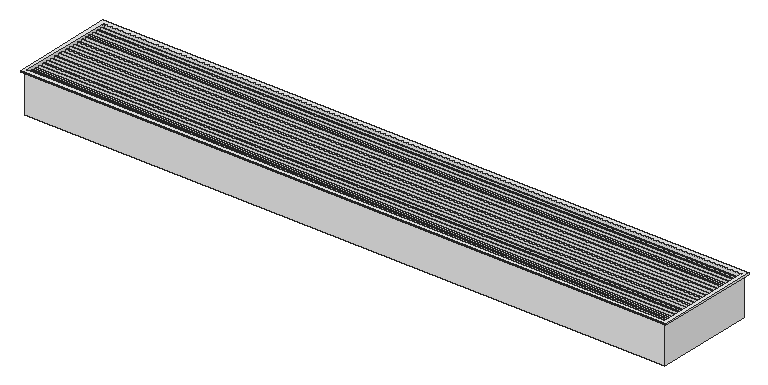
Revit family "DC_Holyoake_MEQ_LD-1200SD-PMF_13", category Air Terminals, host Face, Revit 2013
Parameters (values of type "LD-1200SD-PMF")
  Width LD [instance] = 150.0 mm
  URL = "http://www.holyoake.com"
  Type Comments = "Fineline Diffuser Series LD linear bar grilles"  # constant formula
  Static Pressure Min = 3.00 Pa
  Static Pressure Max = 57.00 Pa
  Noise Level NC Min = "<10 NC"
  Noise Level NC Max = "38 NC"
  Model = "LD-1200SD-PMF"  # constant formula
  Min Flow = 30 L/s  # constant formula
  Max Flow = 3000 L/s  # constant formula
  Material Face = Holyoake-Aluminium
  Material Body = Holyoake-Aluminium
  Manufacturer = "Holyoake"  # constant formula
  Length LD [instance] = 1000.0 mm
  Holyoake Product Range = "Holyoake Fineline Diffusers"  # constant formula
  Flow = 0 L/s
  Description = "Flangeless Linear Bar Diffuser with Vertical Rear Deflector Blades shall be Holyoake Model LD-1200SD-PMF with Horizontal Front Linear Bars of 3.25mm at 12.5mm centres set at 0 Degree deflection. \r\nRear vertical deflection blades shall be individually adjustable airfoil type. Flangeless Linear Bar Diffusers shall be of extruded aluminium construction to the sizes as documented and supplied with the Integral Plaster Mounting Frame (PMF) System. Linear Supply Air Diffusers shall be finished in powdercoat and fitted with accessories and dampers where indicated as manufactured by Holyoake."  # constant formula
  Default Elevation = 0.0 mm
  Array Number [instance] = ((Width LD - 25.4 mm) / 6.4 mm) - 0.9  # 19
Reference planes
  plane 1 "Center (Front/Back)": y = 0
  plane 2: z = 0
  plane 3 "Center (Left/Right)": x = 0
  plane 4: x = -500
  plane 5: x = 500
  plane 6: y = 75
  plane 7: y = -75
Forms (mm)
  Sweep 1, solid, material "Holyoake-Aluminium" <- "Material Body", detail levels fine
    path origin (0, 0, 0) x (1, 0, 0) y (0, 1, 0)
      loop
        line (-500, 75) -> (-500, -75) -> (500, -75) -> (500, 75) -> (-500, 75)
    profile origin (0, 75, 0) x (0, 1, 0) y (0, 0, 1)
      loop
        line (2, 0) -> (6, 0) -> (6, 2) -> (0, 2) -> (0, -60) -> (2, -60) -> (2, 0)
  Extrusion 2, void
    sketch origin (0, 0, 0) x (1, 0, 0) y (0, 1, 0)
      loop
        line (-500, 75) -> (-500, -75) -> (500, -75) -> (500, 75) -> (-500, 75)
    from 0 to -1000
Cuts and joins
  Extrusion 2 cuts Sweep 1
Lines and regions (mm)
  reference lines
    curve 1: line (-590.798, 68.65, 0) -> (-485.798, 68.65, 0)
    curve 2: line (-590.798, -68.65, 0) -> (-490.798, -68.65, 0)
  symbolic lines, style "Holyoake - Linear Diffusers", detail levels coarse+medium
    curve 3: line (-506, 81, 0) -> (506, 81, 0)
    curve 4: line (-506, -81, 0) -> (-506, 81, 0)
    curve 5: line (506, -81, 0) -> (-506, -81, 0)
    curve 6: line (506, 81, 0) -> (506, -81, 0)
    curve 7: line (-500, -75, 0) -> (500, -75, 0)
    curve 8: line (-500, 75, 0) -> (-500, -75, 0)
    curve 9: line (500, 75, 0) -> (-500, 75, 0)
    curve 10: line (500, -75, 0) -> (500, 75, 0)
    curve 11: line (-502, 0, -50) -> (502, 0, -50)
    curve 12: line (-502, 0, 2) -> (-502, 0, -50)
    curve 13: line (502, 0, 2) -> (-502, 0, 2)
    curve 14: line (502, 0, -50) -> (502, 0, 2)
    curve 15: line (0, 77, -60) -> (0, -77, -60)
    curve 16: line (0, 77, 2) -> (0, 77, -60)
    curve 17: line (0, -77, 2) -> (0, 77, 2)
    curve 18: line (0, -77, -60) -> (0, -77, 2)
Dimensions and locks
  equal spacing: plane 6, plane 1 "Center (Front/Back)", plane 7
  "Width LD": plane 6 to plane 7
  "Length LD": plane 4 to plane 5
  equal spacing: plane 4, plane 3 "Center (Left/Right)", plane 5
  locked: plane 6 to curve 1 at 6.35
  locked: curve 2 to plane 7 at 6.35
  equal spacing: group 1, group 3, group 4, group 5, group 6, group 7, group 8, group 9, group 10, group 11, group 12, group 13, group 14, group 15, group 16, group 17, group 18, group 19, group 2  (x2)
  equal spacing: group 2, group 19, group 18, group 17, group 16, group 15, group 14, group 13, group 12, group 11, group 10, group 9, group 8, group 7, group 6, group 5, group 4, group 3, group 1
  aligned and locked: plane 2 to host face
  aligned and locked: level to host face
  aligned and locked: plane 4 to Sweep 1 sketch curve
  aligned and locked: Sweep 1 sketch curve to plane 6
  aligned and locked: plane 7 to Sweep 1 sketch curve
  aligned and locked: Sweep 1 sketch curve to plane 5
  aligned and locked: plane 4 to nested 1
  aligned and locked: plane 4 to Sweep 1
  aligned and locked: nested 1 to curve 1
  aligned and locked: Sweep 1 to level
  aligned and locked: curve 2 to nested 2
  aligned and locked: plane 4 to nested 2
  aligned and locked: Extrusion 2 sketch curve to Sweep 1  (x3)
  aligned and locked: Sweep 1 to Extrusion 2 sketch curve
  aligned and locked: cut or joined group of Sweep 1, Extrusion 2 to curve 3
  aligned and locked: curve 3 to cut or joined group of Sweep 1, Extrusion 2
  aligned and locked: curve 6 to cut or joined group of Sweep 1, Extrusion 2  (x2)
  aligned and locked: cut or joined group of Sweep 1, Extrusion 2 to curve 7
  aligned and locked: curve 7 to cut or joined group of Sweep 1, Extrusion 2
  aligned and locked: curve 10 to cut or joined group of Sweep 1, Extrusion 2  (x2)
  aligned and locked: cut or joined group of Sweep 1, Extrusion 2 to curve 11
  aligned and locked: cut or joined group of Sweep 1, Extrusion 2 to curve 14
  aligned and locked: cut or joined group of Sweep 1, Extrusion 2 to curve 13
  aligned and locked: cut or joined group of Sweep 1, Extrusion 2 to curve 15
  aligned and locked: curve 15 to cut or joined group of Sweep 1, Extrusion 2
  aligned and locked: curve 18 to cut or joined group of Sweep 1, Extrusion 2
  aligned and locked: curve 17 to cut or joined group of Sweep 1, Extrusion 2
Automatic sketch dimensions
  Sweep 1 sketch curve to level = 0.0 mm
  Sweep 1 sketch curve to profile plane = 0.0 mm
  Sweep 1 sketch curve to Sweep 1 sketch curve = 2.0 mm
  Sweep 1 sketch curve to Sweep 1 sketch curve = 4.0 mm
  Sweep 1 sketch curve to Sweep 1 sketch curve = 60.0 mm
  level to Sweep 1 sketch curve = 2.0 mm
  host sketch curve to host sketch curve = 1493.181 mm
  host sketch curve to host sketch curve = 944.012 mm
  curve 2 to plane 4 = 90.798 mm
  curve 1 to curve 2 = 0.0 mm
  plane 4 to curve 2 = 9.202 mm
  plane 4 to curve 1 = 14.202 mm
  curve 11 to level = 50.0 mm
Nested families
  nested 1: "LD Blade" at (-500, 67.15, 0), Blade Length <- "Length LD", type "LD Blade", detail levels fine
    with Blade Length 1000.0 mm
  nested 2: "LD Blade" at (-500, -68.65, 0), Blade Length <- "Length LD", type "LD Blade", detail levels fine
    with Blade Length 1000.0 mm
  nested 3: "LD Blade" at (-500, 59.606, 0), Blade Length <- "Length LD", type "LD Blade", detail levels fine
    with Blade Length 1000.0 mm
  nested 4: "LD Blade" at (-500, 52.061, 0), Blade Length <- "Length LD", type "LD Blade", detail levels fine
    with Blade Length 1000.0 mm
  nested 5: "LD Blade" at (-500, 44.517, 0), Blade Length <- "Length LD", type "LD Blade", detail levels fine
    with Blade Length 1000.0 mm
  nested 6: "LD Blade" at (-500, 36.972, 0), Blade Length <- "Length LD", type "LD Blade", detail levels fine
    with Blade Length 1000.0 mm
  nested 7: "LD Blade" at (-500, 29.428, 0), Blade Length <- "Length LD", type "LD Blade", detail levels fine
    with Blade Length 1000.0 mm
  nested 8: "LD Blade" at (-500, 21.883, 0), Blade Length <- "Length LD", type "LD Blade", detail levels fine
    with Blade Length 1000.0 mm
  nested 9: "LD Blade" at (-500, 14.339, 0), Blade Length <- "Length LD", type "LD Blade", detail levels fine
    with Blade Length 1000.0 mm
  nested 10: "LD Blade" at (-500, 6.794, 0), Blade Length <- "Length LD", type "LD Blade", detail levels fine
    with Blade Length 1000.0 mm
  nested 11: "LD Blade" at (-500, -0.75, 0), Blade Length <- "Length LD", type "LD Blade", detail levels fine
    with Blade Length 1000.0 mm
  nested 12: "LD Blade" at (-500, -8.294, 0), Blade Length <- "Length LD", type "LD Blade", detail levels fine
    with Blade Length 1000.0 mm
  nested 13: "LD Blade" at (-500, -15.839, 0), Blade Length <- "Length LD", type "LD Blade", detail levels fine
    with Blade Length 1000.0 mm
  nested 14: "LD Blade" at (-500, -23.383, 0), Blade Length <- "Length LD", type "LD Blade", detail levels fine
    with Blade Length 1000.0 mm
  nested 15: "LD Blade" at (-500, -30.928, 0), Blade Length <- "Length LD", type "LD Blade", detail levels fine
    with Blade Length 1000.0 mm
  nested 16: "LD Blade" at (-500, -38.472, 0), Blade Length <- "Length LD", type "LD Blade", detail levels fine
    with Blade Length 1000.0 mm
  nested 17: "LD Blade" at (-500, -46.017, 0), Blade Length <- "Length LD", type "LD Blade", detail levels fine
    with Blade Length 1000.0 mm
  nested 18: "LD Blade" at (-500, -53.561, 0), Blade Length <- "Length LD", type "LD Blade", detail levels fine
    with Blade Length 1000.0 mm
  nested 19: "LD Blade" at (-500, -61.106, 0), Blade Length <- "Length LD", type "LD Blade", detail levels fine
    with Blade Length 1000.0 mm
Definition of nested family "LD Blade"
  Parameters (values of type "LD Blade")
    Blade Material = Holyoake-Aluminium
    Blade Length [instance] = 600.0 mm
    Assembly Code = ""
  Reference planes
    plane 1 "Center (Front/Back)": y = 0
    plane 2: z = 0
    plane 3 "Center (Left/Right)": x = 0
    plane 4: x = 600
  Forms (mm)
    Extrusion 1, solid, material "Holyoake-Aluminium" <- "Blade Material"
      sketch origin (0, -1.042, 0) x (1, 0, 0) y (0, 1, 0)
        loop
          line (0, 1.042) -> (600, 1.042) -> (600, 2.542) -> (0, 2.542) -> (0, 1.042)
      from 0 to -20
  Dimensions and locks
    Extrusion 1 sketch curve to Extrusion 1 sketch curve = 1.5 mm
    "Blade Length": plane 3 "Center (Left/Right)" to plane 4
    locked: plane 1 "Center (Front/Back)" to Extrusion 1 at 1.5
    aligned and locked: plane 1 "Center (Front/Back)" to Extrusion 1
    aligned and locked: Extrusion 1 to plane 3 "Center (Left/Right)"
    aligned and locked: plane 4 to Extrusion 1
  Automatic sketch dimensions
    Extrusion 1 sketch curve to plane 1 "Center (Front/Back)" = 1.5 mm
    Extrusion 1 sketch curve to plane 3 "Center (Left/Right)" = 0.0 mm
    plane 4 to Extrusion 1 sketch curve = 0.0 mm
